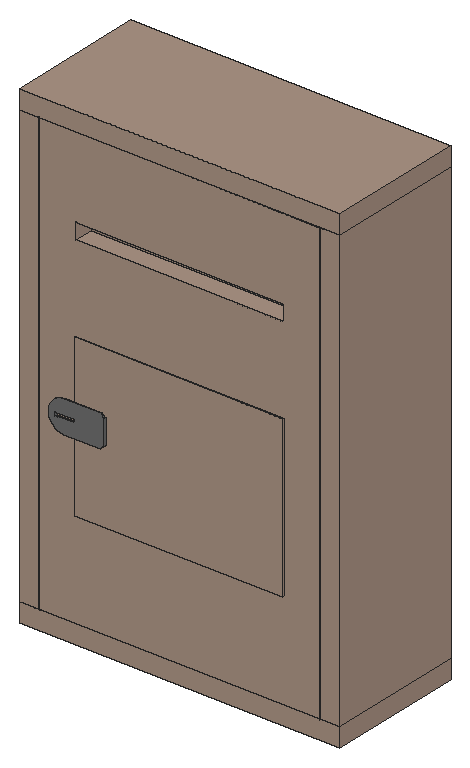
Revit family
Parameters (values of type "200 x 300 mm")
  Mounting Height = 1200 mm
  Fixture Material = Steel
  Box Material = Wood
Reference planes
  plane 1 "Center (Front/Back)": y = 0
  plane 2: z = 0
  plane 3 "Center (Left/Right)": x = 0
  plane 4: y = -87
  plane 5: z = 1200
  plane 6: z = 1500
  plane 7: x = -100
  plane 8: x = 100
Forms (mm)
  Extrusion 1, solid, material "Wood" <- "Box Material"
    sketch origin (0, 0, 1200) x (-1, 0, 0) y (0, -1, 0)
      loop
        line (100, 0) -> (100, 87) -> (-100, 87) -> (-100, 0) -> (100, 0)
    from 0 to 12
  Extrusion 2, solid, material "Wood" <- "Box Material"
    sketch origin (0, 0, 1200) x (-1, 0, 0) y (0, -1, 0)
      loop
        line (100, 0) -> (100, 87) -> (-100, 87) -> (-100, 0) -> (100, 0)
    from 288 to 300
  Extrusion 3, solid, material "Wood" <- "Box Material"
    sketch origin (0, 0, 1200) x (-1, 0, 0) y (0, -1, 0)
      loop
        line (100, 0) -> (100, 87) -> (88, 87) -> (88, 12) -> (-88, 12) -> (-88, 87) -> (-100, 87) -> (-100, 0) -> (100, 0)
    from 12 to 288
  Extrusion 4, solid, material "Wood" <- "Box Material"
    sketch origin (0, 0, 0) x (1, 0, 0) y (0, 0, 1)
      loop
        line (-88, 1488) -> (-88, 1212) -> (88, 1212) -> (88, 1488) -> (-88, 1488)
      loop
        line (-65, 1437.207) -> (-65, 1427.207) -> (65, 1427.207) -> (65, 1437.207) -> (-65, 1437.207)
      loop
        line (-65, 1373.135) -> (-65, 1272.9) -> (65, 1272.9) -> (65, 1373.135) -> (-65, 1373.135)
    from 75 to 87
  Extrusion 5, solid, material "Wood" <- "Box Material"
    sketch origin (0, 0, 1200) x (-1, 0, 0) y (0, -1, 0)
      loop
        line (65, 75) -> (65, 87.818) -> (-65, 87.818) -> (-65, 75) -> (65, 75)
    from 72.9 to 173.135
  Extrusion 6, solid, material "Steel" <- "Fixture Material"
    sketch origin (0, 0, 0) x (1, 0, 0) y (0, 0, 1)
      loop
        line (-48.224, 1336.694) -> (-70.91, 1336.694)
        arc (-70.91, 1336.694) -> (-80.91, 1326.694) -> (-70.91, 1316.694) r 10
        line (-70.91, 1316.694) -> (-48.224, 1316.694) -> (-45.849, 1319.068) -> (-45.849, 1334.319) -> (-48.224, 1336.694)
      loop
        line (-76.506, 1325.566) -> (-64.506, 1325.566) -> (-64.506, 1327.821) -> (-76.506, 1327.821) -> (-76.506, 1325.566)
    from 87.818 to 88.8
Lines and regions (mm)
  symbolic lines
    curve 1: line (-100, 0, 0) -> (100, 0, 0)
    curve 2: line (-100, -87, 0) -> (-100, 0, 0)
    curve 3: line (100, -87, 0) -> (-100, -87, 0)
    curve 4: line (100, 0, 0) -> (100, -87, 0)
Dimensions and locks
  plane 4 to plane 1 "Center (Front/Back)" = 87 mm
  "Mounting Height": plane 5 to level
  plane 6 to plane 5 = 300 mm
  equal spacing: plane 8, plane 3 "Center (Left/Right)", plane 7
  plane 8 to plane 7 = 200 mm
  plane 1 "Center (Front/Back)" to plane 4 = 87 mm
  aligned and locked: plane 1 "Center (Front/Back)" to Extrusion 1 sketch curve
  aligned and locked: plane 4 to Extrusion 1 sketch curve
  aligned and locked: Extrusion 2 sketch curve to Extrusion 1  (x3)
  aligned and locked: Extrusion 1 to Extrusion 2 sketch curve
  aligned and locked: Extrusion 3 sketch curve to Extrusion 1  (x3)
  aligned and locked: plane 4 to Extrusion 3 sketch curve
  aligned and locked: Extrusion 3 to Extrusion 2
  aligned and locked: Extrusion 3 to Extrusion 1
  aligned and locked: Extrusion 3 to Extrusion 4 sketch curve
  aligned and locked: Extrusion 4 sketch curve to Extrusion 3  (x3)
  aligned and locked: Extrusion 4 sketch curve to Extrusion 4 sketch curve  (x2)
  aligned and locked: plane 4 to Extrusion 4
  aligned and locked: Extrusion 2 to plane 6
  aligned and locked: plane 7 to Extrusion 3
  aligned and locked: plane 8 to Extrusion 3
  aligned and locked: Extrusion 5 sketch curve to Extrusion 4  (x3)
  aligned and locked: Extrusion 5 to Extrusion 4  (x2)
  aligned and locked: Extrusion 6 to Extrusion 5
Automatic sketch dimensions
  Extrusion 1 sketch curve to plane 8 = 0 mm
  Extrusion 1 sketch curve to plane 7 = 0 mm
  Extrusion 3 sketch curve to plane 7 = 0 mm
  Extrusion 3 sketch curve to Extrusion 3 sketch curve = 12 mm
  plane 7 to Extrusion 3 sketch curve = 12 mm
  plane 1 "Center (Front/Back)" to Extrusion 3 sketch curve = 12 mm
  plane 7 to Extrusion 4 sketch curve = 35 mm
  Extrusion 4 sketch curve to plane 8 = 35 mm
  Extrusion 4 sketch curve to Extrusion 4 sketch curve = 60.9 mm
  Extrusion 4 sketch curve to Extrusion 4 sketch curve = 100.235 mm
  Extrusion 4 sketch curve to Extrusion 4 sketch curve = 54.072 mm
  Extrusion 4 sketch curve to Extrusion 4 sketch curve = 10 mm
  plane 4 to Extrusion 5 sketch curve = 0.818 mm
  plane 7 to Extrusion 6 sketch curve = 23.494 mm
  Extrusion 6 sketch curve to Extrusion 6 sketch curve = 5.595 mm
  Extrusion 6 sketch curve to Extrusion 6 sketch curve = 6.405 mm
  Extrusion 6 sketch curve to Extrusion 6 sketch curve = 16.282 mm  (x2)
  Extrusion 6 sketch curve to Extrusion 6 sketch curve = 2.375 mm  (x3)
  plane 5 to Extrusion 6 sketch curve = 116.694 mm
  Extrusion 6 sketch curve to Extrusion 6 sketch curve = 8.873 mm
  Extrusion 6 sketch curve to Extrusion 6 sketch curve = 1.127 mm
  Extrusion 6 sketch curve to Extrusion 6 sketch curve = 2.254 mm
  curve 3 to plane 4 = 0 mm
  curve 3 to plane 7 = 0 mm
  curve 3 to plane 8 = 0 mm
  curve 2 to plane 1 "Center (Front/Back)" = 0 mm
